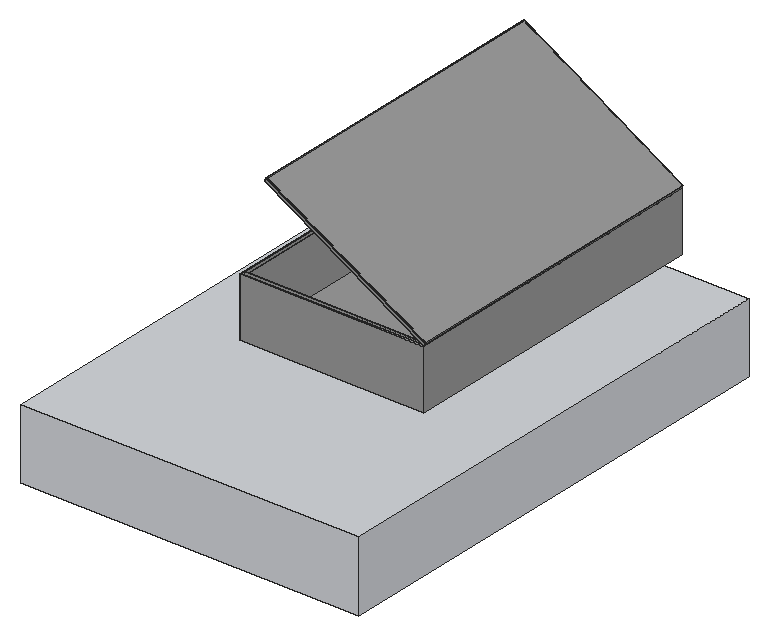
Revit family "Hager-Univers-IP55-D275-H1400-Cl.II-Steel_encl-BE-en", category Equipement électrique, Revit 2020
Family settings
  Hôte = Face
  Configuration du panneau = Deux colonnes, circuits au sein
  Cote de connecteur circulaire = Utiliser le diamètre
  Type d'élément = Tableau de raccordement
  Couper avec des vides une fois chargée = Non
  Partagée = Non
  Point de calcul de pièce = Non
Parameters (values of type "Surface mounted (plaster) IP55 W800 H1400 D275  - FR93S")
  Width Control [instance] = if([EF000008 - Width] > Min Width, [EF000008 - Width], Min Width)  # 800 mm
  Commentaires du type = [HG000003 - Range]  # "Univers"
  Thickness Door [instance] = if([EF009171 - Material plate thickness door/cover] > 3 mm, 3 mm, [EF009171 - Material plate thickness door/cover])  # 1.5 mm
  Seal Frame Offset [instance] = 17 mm  # constant formula
  Plinth Visibility [instance] = [HG000027 - Plinth height] > 0 mm  # no
  Model = ""
  Min Width [instance] = 100 mm  # constant formula
  Min Height [instance] = 100 mm  # constant formula
  Min Depth [instance] = (2 * [EF009170 - Material plate thickness cabinet]) + 1 mm  # 4 mm
  Internal Frame Depth [instance] = (Door System Depth * 0.5)  # 9 mm
  Height Control [instance] = if([EF000040 - Height] > Min Height, [EF000040 - Height], Min Height)  # 1400 mm
  HG000027 - Plinth height = 0 mm
  HG000026 - Floor standing = no
  HG000024 - Bottom section height = 800 mm
  HG000023 - Double section enclosure = no
  HG000016 - Door 3d visibility [instance] = yes
  HG000015 - Clearance visibility [instance] = no
  HG000014 - Door on the right [instance] = yes
  HG000013 - Door on the left [instance] = not([HG000014 - Door on the right])  # no
  HG000012 - Door swing angle [instance] = 30.00°
  HG000010 - Asymmetric doors = no
  HG000009 - Double swing door = no
  HG000006 - Flush mounted = no
  HG000004 - Manufacturer reference = "FR93S"
  HG000003 - Range = "Univers"
  HG000002 - With door or cover = yes
  Frame Offset Bottom [instance] = 10 mm  # constant formula
  Frame Offset [instance] = 15 mm  # constant formula
  EF015940 - Cover with overpressure release = no
  EF011959 - Degree of protection (NEMA) = ""
  EF009554 - Number of openings for flange plates = 6
  EF009212 - Cover model = "EV000116 - Closed"
  EF009171 - Material plate thickness door/cover = 1.5 mm
  EF009170 - Material plate thickness cabinet = 1.5 mm
  Fabricant = "Hager"  # constant formula
  EF008873 - Nominal current (In) = 800 A
  EF007800 - Suitable for lightning protection = no
  EF006306 - With lock = no
  EF006244 - Transparent cover/door = no
  EF005474 - Degree of protection (IP) = "EV006420 - IP55"
  EF004464 - Type of door = "EV002646 - Single"
  EF004427 - Number of modules = 324
  EF004293 - Impact strength = "EV008784 - IK10"
  EF003532 - Suitable for outdoor use = no
  EF002950 - Width in number of modular spacings = 24
  EF001613 - Circuit integrity = "EV000494 - None"
  EF001596 - Material housing = "EV000179 - Steel"
  EF001131 - Internal depth = 275 mm
  EF001088 - Extension possible = yes
  EF000437 - Number of conduit inlets = 6
  EF000339 - Type of cover = "EV004216 - Door"
  EF000266 - Number of rows = 9
  EF000218 - Built-in depth = 0 mm
  EF000118 - With mounting plate = no
  EF000116 - RAL-number = "7035"
  EF000049 - Depth = 275 mm
  EF000040 - Height = 1400 mm
  EF000008 - Width = 800 mm
  EF000007 - Colour = "EV000270 - Grey"
  EF000003 - Mounting method = "EV000384 - Surface mounted (plaster)"
  Door System Leaf Tolerance [instance] = 1.5 mm  # constant formula
  Door System Depth [instance] = 18 mm  # constant formula
  Door Height [instance] = Height Control - [HG000027 - Plinth height]  # 1400 mm
  Depth Control [instance] = if([EF000049 - Depth] > Min Depth, [EF000049 - Depth], Min Depth)  # 275 mm
  Default Elevation = 0 mm
  Connector Offset [instance] = Height Control / 2  # 700 mm
  Bottom Top Plate Trim [instance] = 1.5 mm  # constant formula
  Plinth height Ctrl [instance] = if([HG000027 - Plinth height] > 0 mm, [HG000027 - Plinth height], 12 mm)  # 12 mm
Types (5, lengths in mm): name | Width Control | HG000010 - Asymmetric doors | HG000009 - Double swing door | HG000004 - Manufacturer reference | EF009554 - Number of openings for flange plates | EF004464 - Type of door | EF004427 - Number of modules | EF000437 - Number of conduit inlets | EF000008 - Width
  Surface mounted (plaster) IP55 W1050 H1400 D275  - FR94S | 1050 | no | yes | "FR94S" | 8 | "EV003602 - Double" | 432 | 8 | 1050
  Surface mounted (plaster) IP55 W1300 H1400 D275  - FR95S | 1300 | yes | yes | "FR95S" | 10 | "EV003602 - Double" | 540 | 10 | 1300
  Surface mounted (plaster) IP55 W300 H1400 D275  - FR91S | 300 | no | no | "FR91S" | 2 | "EV002646 - Single" | 108 | 2 | 300
  Surface mounted (plaster) IP55 W550 H1400 D275  - FR92S | 550 | no | no | "FR92S" | 4 | "EV002646 - Single" | 216 | 4 | 550
  Surface mounted (plaster) IP55 W800 H1400 D275  - FR93S | 800 | no | no | "FR93S" | 6 | "EV002646 - Single" | 324 | 6 | 800
Reference planes
  plane 1 "Center (Front/Back)": y = 0
  plane 2: z = 0
  plane 3 "Center (Left/Right)": x = 0
  plane 4: z = 275
  plane 5: y = 1.5
  plane 6: y = 700
  plane 7: y = 0
  plane 8: y = 1400
  plane 9: z = 0
  plane 10: x = -385
  plane 11: x = 385
  plane 12: x = 383.5
  plane 13: x = -383.5
  plane 14: y = 1398.5
  plane 15: x = -383
  plane 16: x = -400
  plane 17: x = 383
  plane 18: x = 400
  plane 19: x = 398.5
  plane 20: x = -398.5
  plane 21: y = 11.5
  plane 22: y = 1400
  plane 23: y = 1383.5
  plane 24: z = 257
  plane 25: z = 1.5
  plane 26: z = 255.5
  plane 27: z = 273.5
Forms (mm)
  Extrusion 1, solid
    sketch origin (0, 0, 0) x (1, 0, 0) y (0, 1, 0)
      loop
        line (-702.964, 1305) -> (-702.964, -811.445) -> (766.763, -811.445) -> (766.763, 1305) -> (-702.964, 1305)
    from 0 to -304.8
  Extrusion 2, solid, material "Hager_Steel_RAL7035_Light_Grey", visible <- "Plinth Visibility", detail levels medium+fine
    sketch origin (0, 0, 0) x (1, 0, 0) y (0, 1, 0)
      loop
        line (-400, 0) -> (400, 0) -> (400, 12) -> (-400, 12) -> (-400, 0)
    from 0 to 257
  Extrusion 3, solid, material "Hager_Steel_RAL7035_Light_Grey", detail levels medium+fine
    sketch origin (0, 0, 0) x (1, 0, 0) y (0, 1, 0)
      loop
        line (-400, 0) -> (400, 0) -> (400, 1400) -> (-400, 1400) -> (-400, 0)
    from 0 to 257
  Extrusion 4, void
    sketch origin (0, 0, 0) x (1, 0, 0) y (0, 1, 0)
      loop
        line (-398.5, 1.5) -> (398.5, 1.5) -> (398.5, 1398.5) -> (-398.5, 1398.5) -> (-398.5, 1.5)
    from 1.5 to 255.5
  Extrusion 5, void
    sketch origin (-381.607, -4572, 257) x (0, -1, 0) y (-1, 0, 0)
      loop
        line (-4583.5, 1.893) -> (-5955.5, 1.893) -> (-5955.5, -765.107) -> (-4583.5, -765.107) -> (-4583.5, 1.893)
    from 0 to 1.5 <- "EF009170 - Material plate thickness cabinet"
  Extrusion 6, solid, material "Hager_Steel_RAL7035_Light_Grey", detail levels fine
    sketch origin (0, 0, 257) x (1, 0, 0) y (0, 1, 0)
      loop
        line (-383.5, 1383.5) -> (-383.5, 11.5) -> (383.5, 11.5) -> (383.5, 1383.5) -> (-383.5, 1383.5)
      loop
        line (-385, 10) -> (385, 10) -> (385, 1385) -> (-385, 1385) -> (-385, 10)
    from 0 to 9 <- "Internal Frame Depth"
  Extrusion 7, solid, material "Hager_Steel_RAL7035_Light_Grey", detail levels coarse
    sketch origin (0, 0, 0) x (1, 0, 0) y (0, 1, 0)
      loop
        line (-400, 0) -> (400, 0) -> (400, 1400) -> (-400, 1400) -> (-400, 0)
    from 0 to 275
  Sweep 8, void
    path in 3D
      loop
        line (-400, 12, 0) -> (400, 12, 0) -> (400, 12, 257) -> (-400, 12, 257) -> (-400, 12, 0)
    profile origin (-400, 12, 128.5) x (-1, 0, 0) y (0, -1, 0)
      loop
        line (0, 0) -> (0, 1.5) -> (-1.5, 1.5)
        arc (-1.5, 1.5) -> (-1.061, 0.439) -> (0, 0) r 1.5
Cuts and joins
  Extrusion 4, Extrusion 5 cuts Extrusion 3
  Sweep 8 cuts Extrusion 2
Lines and regions (mm)
  Masking region 1
    outline origin (0, 0, 0) x (1, 0, 0) y (0, 0, 1)
      loop
        line (-400, 275) -> (-400, 0) -> (400, 0) -> (400, 275) -> (-400, 275)
  Masking region 2, detail levels medium+fine
    outline origin (0, 140, 0) x (0, 1, 0) y (0, 0, 1)
      loop
        line (-140, 0) -> (1260, 0) -> (1260, 257) -> (-140, 257) -> (-140, 0)
  Masking region 3, not visible, detail levels medium+fine
    outline origin (0, 297.922, 0) x (0, 1, 0) y (0, 0, 1)
      loop
        line (413.578, 0) -> (453.578, 0) -> (453.578, 263.5)
        arc (453.578, 263.5) -> (450.649, 270.571) -> (443.578, 273.5) r 10
        line (443.578, 273.5) -> (413.578, 273.5) -> (413.578, 0)
  Masking region 4, detail levels coarse
    outline origin (0, 0, 180) x (0, 1, 0) y (0, 0, 1)
      loop
        line (0, -180) -> (1400, -180) -> (1400, 95) -> (0, 95) -> (0, -180)
  Masking region 5, visible <- "Plinth Visibility", detail levels medium+fine
    outline origin (0, 52.24, 12.345) x (0, 0, -1) y (0, 1, 0)
      loop
        line (10.845, -40.24) -> (-243.155, -40.24)
        arc (-243.155, -40.24) -> (-243.594, -41.301) -> (-244.655, -41.74) r 1.5
        line (-244.655, -41.74) -> (-244.655, -52.24) -> (12.345, -52.24) -> (12.345, -41.74)
        arc (12.345, -41.74) -> (11.285, -41.301) -> (10.845, -40.24) r 1.5
  Masking region 6, detail levels medium+fine
    outline origin (-381.607, -4572, 257) x (-1, 0, 0) y (0, -1, 0)
      loop
        line (18.393, -5972) -> (18.393, -4572) -> (-781.607, -4572) -> (-781.607, -5972) -> (18.393, -5972)
  Masking region 7, visible <- "Plinth Visibility", detail levels medium+fine
    outline origin (-381.607, -4727, 257) x (-1, 0, 0) y (0, -1, 0)
      loop
        arc (16.893, -4739) -> (17.332, -4737.939) -> (18.393, -4737.5) r 1.5
        line (18.393, -4737.5) -> (18.393, -4727) -> (-781.607, -4727) -> (-781.607, -4737.5)
        arc (-781.607, -4737.5) -> (-780.546, -4737.939) -> (-780.107, -4739) r 1.5
        line (-780.107, -4739) -> (16.893, -4739)
  Masking region 8, detail levels coarse
    outline origin (-442.548, -4669.526, 257) x (-1, 0, 0) y (0, -1, 0)
      loop
        line (-42.548, -6069.526) -> (-42.548, -4669.526) -> (-842.548, -4669.526) -> (-842.548, -6069.526) -> (-42.548, -6069.526)
  sketch lines
    curve 1: line (-400, 12, 257) -> (-400, 12, 0)
    curve 2: line (400, 12, 257) -> (-400, 12, 257)
    curve 3: line (400, 12, 257) -> (400, 12, 0)
    curve 4: line (-400, 12, 0) -> (400, 12, 0)
Dimensions and locks
  "Depth Control": plane 4 to Extrusion 1
  "HG000027 - Plinth height": plane 1 "Center (Front/Back)" to plane 7
  "EF009170 - Material plate thickness cabinet": plane 5 to plane 7
  locked: connector elem to plane 3 "Center (Left/Right)"
  equal spacing: plane 8, plane 6, plane 7
  locked: connector elem to plane 6
  "EF009170 - Material plate thickness cabinet": plane 8 to plane 14
  "EF009170 - Material plate thickness cabinet": plane 10 to plane 13
  "EF009170 - Material plate thickness cabinet": plane 12 to plane 11
  "Frame Offset": plane 20 to plane 13
  "Frame Offset": plane 12 to plane 19
  "EF009170 - Material plate thickness cabinet": plane 16 to plane 20
  "EF009170 - Material plate thickness cabinet": plane 19 to plane 18
  "Seal Frame Offset": plane 16 to plane 15
  "Seal Frame Offset": plane 17 to plane 18
  "Frame Offset Bottom": plane 21 to plane 5
  "Frame Offset": plane 14 to plane 23
  equal spacing: plane 16, plane 3 "Center (Left/Right)", plane 18
  "Width Control": plane 16 to plane 18
  "EF009170 - Material plate thickness cabinet": plane 4 to plane 27
  "EF009170 - Material plate thickness cabinet": plane 24 to plane 26
  "EF009170 - Material plate thickness cabinet": plane 25 to level
  "Door System Depth": plane 4 to plane 24
  "Height Control": plane 1 "Center (Front/Back)" to Extrusion 7 sketch curve
  "Height Control": Masking region 4 sketch curve to plane 1 "Center (Front/Back)"
  "Height Control": plane 1 "Center (Front/Back)" to plane 22
  "Bottom Top Plate Trim": profile plane to Sweep 8 sketch curve
  "Bottom Top Plate Trim": Sweep 8 sketch curve to profile plane
  "Plinth height Ctrl": plane 1 "Center (Front/Back)" to Extrusion 2 sketch curve
  "Plinth height Ctrl": Masking region 5 sketch curve to plane 1 "Center (Front/Back)"
  "Plinth height Ctrl": plane 1 "Center (Front/Back)" to Masking region 7 sketch curve
  "Thickness Door": Extrusion 6 sketch curve to Extrusion 6 sketch curve  (x3)
  "Thickness Door": cut or joined group of Extrusion 3, Extrusion 4, Extrusion 5 to Extrusion 6 sketch curve
  radius of Masking region 3 sketch curve = 10 mm
  "Bottom Top Plate Trim": radius of Masking region 5 sketch curve  (x2)
  "Bottom Top Plate Trim": radius of Sweep 8 sketch curve
  "Bottom Top Plate Trim": radius of Masking region 7 sketch curve  (x2)
  aligned and locked: plane 2 to Extrusion 1
  aligned and locked: level to Extrusion 1
  aligned and locked: level to Masking region 1 sketch curve
  aligned and locked: Masking region 1 sketch curve to plane 18
  aligned and locked: Masking region 1 sketch curve to plane 16
  aligned and locked: plane 7 to Masking region 2 sketch curve
  aligned and locked: level to Masking region 3 sketch curve
  aligned and locked: Masking region 3 sketch curve to plane 27
  aligned and locked: level to Masking region 2 sketch curve
  aligned and locked: plane 1 "Center (Front/Back)" to Extrusion 2 sketch curve
  aligned and locked: Extrusion 3 sketch curve to plane 7
  aligned and locked: plane 16 to Extrusion 3 sketch curve
  aligned and locked: plane 18 to Extrusion 3 sketch curve
  aligned and locked: plane 20 to Extrusion 4 sketch curve
  aligned and locked: plane 19 to Extrusion 4 sketch curve
  aligned and locked: Extrusion 4 sketch curve to plane 5
  aligned and locked: Extrusion 4 to plane 25
  aligned and locked: plane 26 to Extrusion 4
  aligned and locked: plane 24 to Extrusion 3
  aligned and locked: Extrusion 5 sketch curve to plane 21
  aligned and locked: Extrusion 5 sketch curve to plane 13
  aligned and locked: Extrusion 5 sketch curve to plane 12
  aligned and locked: plane 18 to Extrusion 7 sketch curve
  aligned and locked: plane 1 "Center (Front/Back)" to Extrusion 7 sketch curve
  aligned and locked: plane 16 to Extrusion 7 sketch curve
  aligned and locked: plane 4 to Extrusion 7
  aligned and locked: Extrusion 7 to level
  aligned and locked: level to Masking region 4 sketch curve
  aligned and locked: Masking region 4 sketch curve to plane 1 "Center (Front/Back)"
  aligned and locked: Masking region 4 sketch curve to plane 4
  aligned and locked: nested 1 to level
  aligned and locked: nested 1 to plane 16
  aligned and locked: plane 8 to Extrusion 3 sketch curve
  aligned and locked: plane 23 to Extrusion 5 sketch curve
  aligned and locked: plane 14 to Extrusion 4 sketch curve
  aligned and locked: Masking region 2 sketch curve to plane 8
  aligned and locked: level to Masking region 5 sketch curve
  aligned and locked: plane 16 to Extrusion 2 sketch curve
  aligned and locked: plane 18 to Extrusion 2 sketch curve
  aligned and locked: Masking region 5 sketch curve to plane 24
  aligned and locked: Masking region 2 sketch curve to plane 24
  aligned and locked: plane 24 to Extrusion 2
  aligned and locked: profile plane to Sweep 8 sketch curve  (x2)
  aligned and locked: Masking region 6 sketch curve to plane 18
  aligned and locked: Masking region 6 sketch curve to plane 22
  aligned and locked: Masking region 6 sketch curve to plane 16
  aligned and locked: plane 8 to plane 22
  aligned and locked: Masking region 6 sketch curve to plane 7
  aligned and locked: Masking region 7 sketch curve to plane 16
  aligned and locked: Masking region 7 sketch curve to plane 1 "Center (Front/Back)"
  aligned and locked: Masking region 7 sketch curve to plane 18
  aligned and locked: Masking region 8 sketch curve to plane 1 "Center (Front/Back)"
  aligned and locked: Masking region 8 sketch curve to plane 18
  aligned and locked: Masking region 8 sketch curve to plane 22
  aligned and locked: Masking region 8 sketch curve to plane 16
  aligned and locked: nested 2 to plane 7
  aligned and locked: plane 3 "Center (Left/Right)" to nested 2
  aligned and locked: nested 2 to plane 24
  aligned and locked: Extrusion 6 sketch curve to cut or joined group of Extrusion 3, Extrusion 4, Extrusion 5  (x4)
Automatic sketch dimensions
  Extrusion 1 sketch curve to Extrusion 1 sketch curve = 1469.727 mm
  Extrusion 1 sketch curve to Extrusion 1 sketch curve = 2116.445 mm
  Masking region 1 sketch curve to plane 4 = 0 mm
  plane 6 to Masking region 3 sketch curve = 11.5 mm
  Masking region 3 sketch curve to Masking region 3 sketch curve = 30 mm
  Masking region 5 sketch curve to plane 1 "Center (Front/Back)" = 0 mm
Nested families
  nested 1: "Hager_Enclosure_Symbol" at (-400, 0, 0) x (1, 0, 0) z (0, -1, 0), Height <- "Depth Control", Width <- "Width Control", type "Hager_Enclosure_Symbol"
    with Width_Ctrl 800 mm, Width 800 mm, Height_Ctrl 275 mm, Height 275 mm, A_Width_Int 18.047 mm, A_Width 216.562 mm, A_Height_Ctrl 240.625 mm, A_Height 240.625 mm
  nested 2: "EC000058_Univers_Door" at (0, 0, 257) x (1, 0, 0) z (0, 1, 0), Leaf_Tolerance <- "Door System Leaf Tolerance", Angle <- "HG000012 - Door swing angle", Door_Depth <- "Door System Depth", Door_Left <- "HG000013 - Door on the left", Transparent <- "EF006244 - Transparent cover/door", Assymetrical <- "HG000010 - Asymmetric doors", Width <- "Width Control", Clearance <- "HG000015 - Clearance visibility", Double <- "HG000009 - Double swing door", 3d_Door <- "HG000016 - Door 3d visibility", Lock_Visibility <- "EF006306 - With lock", Width_Ctrl <- "Width Control", Door_Right <- "HG000014 - Door on the right", Door <- "HG000002 - With door or cover", Height <- "Door Height", Thickness <- "Thickness Door", type "EC000058_Univers_Door", detail levels medium+fine
    with min_wh 4 mm, Width_Ctrl 800 mm, Width 800 mm, Transparent no, Thickness 1.5 mm, Seal_Material Hager_Rubber, Lock_Visibility no, Lock_Material Hager_Plastic_RAL9005_Jet_Black, Leaf_Width 800 mm, Leaf_Tolerance_External_Sides 0 mm, Leaf_Tolerance 1.5 mm, Leaf_Offset 0 mm, Leaf_Height 1397 mm, Leaf_2_Width 800 mm, Leaf_2_Offset 400 mm, Leaf_1_Width 800 mm, Leaf_1_Offset 400 mm, Height_Ctrl 1400 mm, Height 1400 mm, Glass_Material Hager_Glass, Double_Clearance_Ctrl no, Double no, Door_Right_Ctrl yes, Door_Right yes, Door_Material Hager_Steel_RAL7035_Light_Grey, Door_Left_Ctrl no, Door_Left no, Door_Depth 18 mm, Door yes, Clearance_Material Hager_Clearance, Clearance_Depth 800 mm, Clearance_Ctrl no, Clearance no, Assymetrical no, Angle 30.00°, 3d_Door yes
Connectors
  electrical at (0, 700, 0)
    settings: on plane 9, index 1, voltage 0 V, apparent load 0 VA, apparent load phase1 0 VA, apparent load phase2 0 VA, apparent load phase3 0 VA, power factor 1, load classification "Other", number of poles 1, system type 30, power factor state 1, is connector primary yes, connector utility no, sub classification motor no, connector description ""
Definition of nested family "EC000058_Univers_Door"
  Parameters (values of type "EC000058_Univers_Door")
    min_wh [instance] = (2 * Thickness) + 1 mm  # 11 mm
    Width_Ctrl [instance] = 400 mm
    Width [instance] = 500 mm
    Transparent [instance] = yes
    Thickness [instance] = 5 mm
    Seal_Material [instance] = none
    Lock_Visibility [instance] = yes
    Lock_Material [instance] = none
    Leaf_Width [instance] = if((Width_Ctrl - 2 * Leaf_Tolerance_External_Sides) > 0 mm, (Width_Ctrl - 2 * Leaf_Tolerance_External_Sides), min_wh)  # 400 mm
    Leaf_Tolerance_External_Sides [instance] = 0 mm  # constant formula
    Leaf_Tolerance [instance] = 1.5 mm
    Leaf_Offset [instance] = 0 mm  # constant formula
    Leaf_Height [instance] = if((Height_Ctrl - 2 * Leaf_Tolerance) > 0 mm, (Height_Ctrl - 2 * Leaf_Tolerance), min_wh)  # 497 mm
    Leaf_2_Width [instance] = if(and(and(Double, Assymetrical), Door_Left), (Leaf_Width / 3) - (Leaf_Tolerance / 2), if(and(and(Double, Assymetrical), Door_Right), (Leaf_Width / 3) * 2 - (Leaf_Tolerance / 2), if(and(Double, not(Assymetrical)), (Leaf_Width / 2) - Leaf_Tolerance, Leaf_Width)))  # 400 mm
    Leaf_2_Offset [instance] = if(and(Double, Assymetrical), Leaf_2_Width / 2, if(and(Double, not(Assymetrical)), Leaf_Width / 4, Leaf_Width / 2))  # 200 mm
    Leaf_1_Width [instance] = if(and(and(Double, Assymetrical), Door_Right), (Leaf_Width / 3) - (Leaf_Tolerance / 2), if(and(and(Double, Assymetrical), Door_Left), (Width / 3) * 2 - (Leaf_Tolerance / 2), if(and(Double, not(Assymetrical)), (Leaf_Width / 2) - Leaf_Tolerance, Leaf_Width)))  # 400 mm
    Leaf_1_Offset [instance] = if(and(Double, Assymetrical), Leaf_1_Width / 2, if(and(Double, not(Assymetrical)), Leaf_Width / 4, Leaf_Width / 2))  # 200 mm
    Height_Ctrl [instance] = if(Height > min_wh, Height, min_wh)  # 500 mm
    Height [instance] = 500 mm
    Glass_Material [instance] = none
    Double_Clearance_Ctrl [instance] = and(Double, Clearance)  # no
    Double [instance] = no
    Door_Right_Ctrl [instance] = and(or(Door_Right, Double), Door)  # yes
    Door_Right [instance] = yes
    Door_Material [instance] = none
    Door_Left_Ctrl [instance] = and(or(Door_Left, Double), Door)  # no
    Door_Left [instance] = no
    Door_Depth [instance] = 30 mm
    Door [instance] = yes
    Default Elevation = 1219.2 mm
    Clearance_Material [instance] = none
    Clearance_Depth [instance] = if(Leaf_1_Width > Leaf_2_Width, Leaf_1_Width, Leaf_2_Width)  # 400 mm
    Clearance_Ctrl [instance] = and(not(Double), Clearance)  # yes
    Clearance [instance] = yes
    Assymetrical [instance] = yes
    Angle [instance] = 30.00°
    3d_Door [instance] = yes
  Reference planes
    plane 1 "Center (Front/Back)": y = 0
    plane 2 "Bottom": z = 0
    plane 3 "Center (Left/Right)": x = 0
    plane 4: z = 500
    plane 5: x = -200
    plane 6: x = 200
    plane 7: z = 500
    plane 8: x = -200
    plane 9: z = 0
    plane 10: x = 200
    plane 11: y = 0
    plane 12: z = 1.5
    plane 13: x = -600
    plane 14: y = -400
    plane 15: x = 600
    plane 16: x = 0
    plane 17: x = 0
    plane 18: x = -200
    plane 19: x = 200
    plane 20: z = 498.5
  Forms (mm)
    Extrusion 1, solid, material <- "Clearance_Material", visible <- "Double_Clearance_Ctrl"
      sketch origin (1200, 0, 0) x (1, 0, 0) y (0, 0, -1)
        loop
          line (-1800, -498.5) -> (-600, -498.5) -> (-600, 0) -> (-1800, 0) -> (-1800, -498.5)
      from 0 to -400
  Dimensions and locks
    equal spacing: plane 5, plane 3 "Center (Left/Right)", plane 6
    "Width_Ctrl": plane 5 to plane 6
    "Leaf_Offset": plane 5 to plane 8
    "Leaf_Offset": plane 6 to plane 10
    "Leaf_Offset": plane 9 to level
    "Leaf_Offset": plane 4 to plane 7
    "Height_Ctrl": plane 4 to level
    "Leaf_Tolerance": plane 12 to plane 9
    locked: plane 11 to plane 1 "Center (Front/Back)"
    "Leaf_1_Offset": plane 18 to plane 16
    "Leaf_2_Offset": plane 17 to plane 19
    "Leaf_1_Width": plane 13 to plane 8
    "Leaf_2_Width": plane 10 to plane 15
    "Clearance_Depth": plane 14 to plane 1 "Center (Front/Back)"
    "Leaf_Tolerance_External_Sides": plane 8 to plane 18
    "Leaf_Tolerance_External_Sides": plane 19 to plane 10
    "Leaf_Tolerance": plane 7 to plane 20
    aligned and locked: level to plane 2 "Bottom"
    aligned and locked: nested 1 to plane 16
    aligned and locked: nested 2 to plane 17
    aligned and locked: Extrusion 1 to plane 13
    aligned and locked: plane 15 to Extrusion 1
    aligned and locked: Extrusion 1 to plane 14
    aligned and locked: plane 12 to nested 1
    aligned and locked: nested 2 to plane 12
    aligned and locked: Extrusion 1 to plane 11
    aligned and locked: plane 20 to Extrusion 1
    aligned and locked: nested 2 to plane 11
    aligned and locked: nested 1 to plane 11
  Automatic sketch dimensions
    Extrusion 1 sketch curve to level = 0 mm
    plane 5 to Extrusion 1 sketch curve = 400 mm
    plane 6 to Extrusion 1 sketch curve = 400 mm
    Extrusion 1 sketch curve to plane 4 = 1.5 mm
  Nested families
    nested 1: "EC000058_Univers_Door_Leaf" at (0, 0, 1.5), Width <- "Leaf_1_Width", visible <- "Door_Left_Ctrl", Leaf_Height <- "Leaf_Height", Angle <- "Angle", 3d_Door <- "3d_Door", Transparent <- "Transparent", Clearance Material <- "Clearance_Material", Clearance <- "Clearance_Ctrl", Door_Material <- "Door_Material", Glass_Material <- "Glass_Material", Door_Depth <- "Door_Depth", Lock_Material <- "Lock_Material", Seal_Material <- "Seal_Material", Lock_Visibility <- "Lock_Visibility", Thickness <- "Thickness", type "EC000058_Univers_Door_Leaf"
      with Width 400 mm, Transparent_Glass_Offset 30 mm, Transparent_Ctrl yes, Transparent yes, Thickness 5 mm, Standard no, Seal_Material none, Seal_D2 8 mm, Seal_D1 1 mm, Offset_Internal_Frame 10 mm, Lock_Width 20 mm, Lock_Visibility_3d yes, Lock_Visibility yes, Lock_Thickness_3 3 mm, Lock_Thickness_2 1 mm, Lock_Thickness_1 3 mm, Lock_Radius_Offset_2 16 mm, Lock_Radius_Offset_1 15 mm, Lock_Radius_2 5 mm, Lock_Radius 6 mm, Lock_Offset 5 mm, Lock_Material none, Lock_Height 80 mm, Lock_Cover_Top_Offset_2d 17 mm, Lock_Cover_Height -65 mm, Leaf_Height 497 mm, Internal_Seal_Thickness 8 mm, Internal_Seal_Depth_2 4.5 mm, Internal_Frame_Depth 25 mm, Glass_Thickness -1 mm, Glass_Offset -2 mm, Glass_Material none, Door_Material none, Door_Depth 30 mm, Clearance Material none, Clearance yes, Angle_Ctrl 30.00°, Angle 30.00°, 3d_Door yes
    nested 2: "EC000058_Univers_Door_Leaf" at (0, 0, 1.5) x (-1, 0, 0) z (0, 0, 1), Width <- "Leaf_2_Width", visible <- "Door_Right_Ctrl", Leaf_Height <- "Leaf_Height", Angle <- "Angle", 3d_Door <- "3d_Door", Transparent <- "Transparent", Clearance Material <- "Clearance_Material", Clearance <- "Clearance_Ctrl", Door_Material <- "Door_Material", Glass_Material <- "Glass_Material", Door_Depth <- "Door_Depth", Lock_Material <- "Lock_Material", Seal_Material <- "Seal_Material", Lock_Visibility <- "Lock_Visibility", Thickness <- "Thickness", type "EC000058_Univers_Door_Leaf"
      with Width 400 mm, Transparent_Glass_Offset 30 mm, Transparent_Ctrl yes, Transparent yes, Thickness 5 mm, Standard no, Seal_Material none, Seal_D2 8 mm, Seal_D1 1 mm, Offset_Internal_Frame 10 mm, Lock_Width 20 mm, Lock_Visibility_3d yes, Lock_Visibility yes, Lock_Thickness_3 3 mm, Lock_Thickness_2 1 mm, Lock_Thickness_1 3 mm, Lock_Radius_Offset_2 16 mm, Lock_Radius_Offset_1 15 mm, Lock_Radius_2 5 mm, Lock_Radius 6 mm, Lock_Offset 5 mm, Lock_Material none, Lock_Height 80 mm, Lock_Cover_Top_Offset_2d 17 mm, Lock_Cover_Height -65 mm, Leaf_Height 497 mm, Internal_Seal_Thickness 8 mm, Internal_Seal_Depth_2 4.5 mm, Internal_Frame_Depth 25 mm, Glass_Thickness -1 mm, Glass_Offset -2 mm, Glass_Material none, Door_Material none, Door_Depth 30 mm, Clearance Material none, Clearance yes, Angle_Ctrl 30.00°, Angle 30.00°, 3d_Door yes
  Definition of nested family "EC000058_Univers_Door_Leaf"
    Parameters (values of type "EC000058_Univers_Door_Leaf")
      Width [instance] = 2000 mm
      Transparent_Glass_Offset [instance] = 30 mm
      Transparent_Ctrl [instance] = and(Transparent, [3d_Door])  # yes
      Transparent [instance] = yes
      Thickness [instance] = 5 mm
      Standard [instance] = and(not(Transparent), [3d_Door])  # no
      Seal_Material [instance] = none
      Seal_D2 [instance] = 8 mm  # constant formula
      Seal_D1 [instance] = 1 mm  # constant formula
      Offset_Internal_Frame [instance] = 10 mm  # constant formula
      Lock_Width [instance] = 20 mm  # constant formula
      Lock_Visibility_3d [instance] = and(Lock_Visibility, [3d_Door])  # yes
      Lock_Visibility [instance] = yes
      Lock_Thickness_3 [instance] = 3 mm  # constant formula
      Lock_Thickness_2 [instance] = 1 mm  # constant formula
      Lock_Thickness_1 [instance] = 3 mm  # constant formula
      Lock_Radius_Offset_2 [instance] = Lock_Radius_Offset_1 + 1 mm  # 16 mm
      Lock_Radius_Offset_1 [instance] = 15 mm  # constant formula
      Lock_Radius_2 [instance] = Lock_Radius - 1 mm  # 5 mm
      Lock_Radius [instance] = 6 mm  # constant formula
      Lock_Offset [instance] = 5 mm  # constant formula
      Lock_Material [instance] = none
      Lock_Height [instance] = 80 mm  # constant formula
      Lock_Cover_Top_Offset_2d [instance] = Lock_Radius_Offset_2 + 1 mm  # 17 mm
      Lock_Cover_Height [instance] = -(Lock_Height - Lock_Radius_Offset_1)  # -65 mm
      Leaf_Height [instance] = 2720.336 mm
      Internal_Seal_Thickness [instance] = 8 mm  # constant formula
      Internal_Seal_Depth_2 [instance] = 4.5 mm  # constant formula
      Internal_Frame_Depth [instance] = if(Door_Depth - Thickness > 5 mm, Door_Depth - Thickness, 5 mm)  # 25 mm
      Glass_Thickness [instance] = if(Thickness > 15 mm, Glass_Offset + 10 mm, -1 mm)  # -1 mm
      Glass_Offset [instance] = if(Thickness > 15 mm, -(Thickness + 10 mm) / 2, -2 mm)  # -2 mm
      Glass_Material [instance] = none
      Door_Material [instance] = none
      Door_Depth [instance] = 30 mm
      Default Elevation = 0 mm
      Clearance Material [instance] = none
      Clearance [instance] = yes
      Angle_Ctrl [instance] = if(Angle > 180.00°, 180.00°, Angle)  # 90.00°
      Angle [instance] = 90.00°
      3d_Door [instance] = yes
    Reference planes
      plane 1 "Center (Front/Back)": y = 0
      plane 2: z = 0
      plane 3 "Center (Left/Right)": x = 0
      plane 4: y = 2000
      plane 5: x = -1000
      plane 6: x = 1000
      plane 7: x = -3000
      plane 8: z = 2720.336
      plane 9: z = 30
      plane 10: z = 2690.336
      plane 11: x = 970
      plane 12: x = -970
      plane 13: y = -3
      plane 14: z = 107.833
      plane 15: y = -5
      plane 16: y = -223.314
      plane 17: x = -1000
      plane 18: z = 1360.168
      plane 19: y = 30
    Forms (mm)
      Extrusion 1, solid, material <- "Clearance Material", visible <- "Clearance"
        sketch origin (0, 0, 0) x (1, 0, 0) y (0, 0, 1)
          loop
            line (-3000, 2720.336) -> (-3000, 0) -> (1000, 0) -> (1000, 2720.336) -> (-3000, 2720.336)
        from 0 to -2000
      Extrusion 2, solid, material <- "Door_Material", visible <- "Standard", detail levels medium+fine
        sketch origin (-1000, 0, 0) x (0, 1, 0) y (-1, 0, 0)
          loop
            line (0, 30) -> (0, 25) -> (2000, 25) -> (2000, 30) -> (0, 30)
        from 0 to 2720.336 <- "Leaf_Height"
      Extrusion 3, solid, material <- "Door_Material", visible <- "Transparent_Ctrl", detail levels medium+fine
        sketch origin (-1000, 0, 0) x (0, 1, 0) y (-1, 0, 0)
          loop
            line (0, 25) -> (2000, 25) -> (2000, 30) -> (0, 30) -> (0, 25)
        from 0 to 2720.336 <- "Leaf_Height"
      Extrusion 4, void
        sketch origin (-1025, 2000, 0) x (0, 1, 0) y (0, 0, -1)
          loop
            line (-30, -2690.336) -> (-30, -30) -> (-1970, -30) -> (-1970, -2690.336) -> (-30, -2690.336)
        from 0 to 5 <- "Thickness"
      Sweep 5, solid, material <- "Seal_Material", visible <- "Transparent_Ctrl", detail levels fine
        path in 3D
          loop
            line (-1025, 30, 30) -> (-1025, 30, 2690.336) -> (-1025, 1970, 2690.336) -> (-1025, 1970, 30) -> (-1025, 30, 30)
        profile origin (-1025, 1000, 30) x (1, 0, 0) y (0, 0, 1)
          loop
            line (0, 0) -> (0, -8) -> (1, -8) -> (1, 0) -> (0, 0)
      Extrusion 6, solid, material <- "Glass_Material", visible <- "Transparent_Ctrl", detail levels medium+fine
        sketch origin (-1030, 0, 0) x (0, 1, 0) y (0, 0, -1)
          loop
            line (1970, -2690.336) -> (1970, -30) -> (30, -30) -> (30, -2690.336) -> (1970, -2690.336)
        from -2 <- "Glass_Offset" to -1 <- "Glass_Thickness"
      Extrusion 7, solid, material <- "Door_Material", visible <- "3d_Door", detail levels medium+fine
        sketch origin (-1025, 2000, 0) x (0, -1, 0) y (0, 0, -1)
          loop
            line (0, -2720.336) -> (2000, -2720.336) -> (2000, 0) -> (0, 0) -> (0, -2720.336)
          loop
            line (1995, -5) -> (5, -5) -> (5, -2715.336) -> (1995, -2715.336) -> (1995, -5)
        from 0 to 25 <- "Internal_Frame_Depth"
      Sweep 8, solid, material <- "Seal_Material", visible <- "Transparent_Ctrl", detail levels fine
        path in 3D
          loop
            line (-1025, 0, 0) -> (-1025, 2000, 0) -> (-1025, 2000, 2720.336) -> (-1025, 0, 2720.336) -> (-1025, 0, 0)
        profile origin (-1025, 0, 1360.168) x (1, 0, 0) y (0, 1, 0)
          loop
            line (0, 10) -> (2.975, 10)
            arc (2.975, 10) -> (4.053, 10.447) -> (4.5, 11.525) r 1.525
            line (4.5, 11.525) -> (4.5, 16.527)
            arc (4.5, 16.527) -> (4.069, 17.569) -> (3.027, 18) r 1.473
            line (3.027, 18) -> (0, 18) -> (0, 10)
      Extrusion 9, solid, material <- "Lock_Material", visible <- "Lock_Visibility_3d", detail levels fine
        sketch origin (-1030, 0, 0) x (0, 1, 0) y (0, 0, -1)
          loop
            arc (1993.5, -1400.168) -> (1994.561, -1399.729) -> (1995, -1398.668) r 1.5
            line (1995, -1398.668) -> (1995, -1320.168) -> (1975, -1320.168) -> (1975, -1398.668)
            arc (1975, -1398.668) -> (1975.439, -1399.729) -> (1976.5, -1400.168) r 1.5
            line (1976.5, -1400.168) -> (1993.5, -1400.168)
        from 3 <- "Lock_Thickness_1" to 0
      Blend 10, solid, material <- "Lock_Material", visible <- "Lock_Visibility_3d", detail levels fine
        base sketch origin (-1033, 0, 0) x (0, 1, 0) y (0, 0, -1)
          loop
            line (1975, -1320.168) -> (1975, -1398.668)
            arc (1975, -1398.668) -> (1975.439, -1399.729) -> (1976.5, -1400.168) r 1.5
            line (1976.5, -1400.168) -> (1993.5, -1400.168)
            arc (1993.5, -1400.168) -> (1994.561, -1399.729) -> (1995, -1398.668) r 1.5
            line (1995, -1398.668) -> (1995, -1320.168) -> (1975, -1320.168)
        top sketch origin (-1033, 0, 0) x (0, 1, 0) y (0, 0, -1)
          loop
            line (1976, -1320.168) -> (1976, -1398.668)
            arc (1976, -1398.668) -> (1976.146, -1399.022) -> (1976.5, -1399.168) r 0.5
            line (1976.5, -1399.168) -> (1993.5, -1399.168)
            arc (1993.5, -1399.168) -> (1993.854, -1399.022) -> (1994, -1398.668) r 0.5
            line (1994, -1398.668) -> (1994, -1320.168) -> (1976, -1320.168)
        from 0 to 1 <- "Lock_Thickness_2"
      Blend 11, solid, material <- "Lock_Material", visible <- "Lock_Visibility_3d", detail levels fine
        base sketch origin (-1034, 0, 0) x (0, 1, 0) y (0, 0, -1)
          loop
            line (1978, -1320.168) -> (1978, -1384.168)
            arc (1978, -1384.168) -> (1985, -1391.168) -> (1992, -1384.168) r 7
            line (1992, -1384.168) -> (1992, -1320.168) -> (1978, -1320.168)
        top sketch origin (-1034, 0, 0) x (0, 1, 0) y (0, 0, -1)
          loop
            line (1991, -1320.168) -> (1979, -1320.168) -> (1979, -1383.168)
            arc (1979, -1383.168) -> (1985, -1389.168) -> (1991, -1383.168) r 6
            line (1991, -1383.168) -> (1991, -1320.168)
        from 0 to 3 <- "Lock_Thickness_3"
      Extrusion 12, solid, material <- "Lock_Material", visible <- "Lock_Visibility_3d", detail levels fine
        sketch origin (-1030, 1975, 1320.168) x (1, 0, 0) y (0, -1, 0)
          loop
            line (-7, -19) -> (-7, -1) -> (0, -1) -> (0, 0) -> (-8, 0) -> (-8, -20) -> (0, -20) -> (0, -19) -> (-7, -19)
        from 0 to -65 <- "Lock_Cover_Height"
      Extrusion 13, void
        sketch origin (-1038, 1995, 1320.168) x (-1, 0, 0) y (0, 0, -1)
          loop
            line (-5, -65) -> (0, -65) -> (-5, -60) -> (-5, -65)
        from 0 to 20 <- "Lock_Width"
      Extrusion 14, void
        sketch origin (-1038, 1975, 1320.168) x (0, -1, 0) y (0, 0, -1)
          loop
            circle (-10, -15.995) r 6
          loop
            circle (-10, -15.995) r 5
        from 0 to 2
      Extrusion 15, solid, material <- "Lock_Material", visible <- "Lock_Visibility_3d", detail levels medium
        sketch origin (-1030, 0, 0) x (0, 1, 0) y (0, 0, -1)
          loop
            arc (1993.5, -1400.168) -> (1994.561, -1399.729) -> (1995, -1398.668) r 1.5
            line (1995, -1398.668) -> (1995, -1320.168) -> (1975, -1320.168) -> (1975, -1398.668)
            arc (1975, -1398.668) -> (1975.439, -1399.729) -> (1976.5, -1400.168) r 1.5
            line (1976.5, -1400.168) -> (1993.5, -1400.168)
        from 8 to 0
    Cuts and joins
      Extrusion 4 cuts Extrusion 3
      Extrusion 13, Extrusion 14 cuts Extrusion 9
      Extrusion 14 cuts Blend 11
      Extrusion 13, Extrusion 14 cuts Extrusion 12
      joined: Extrusion 9, Blend 10, Blend 11, Extrusion 12
      Extrusion 14 cuts Extrusion 15
    Lines and regions (mm)
      Masking region 1, visible <- "Lock_Visibility", detail levels fine
        outline origin (0, 0, 0) x (0, 1, 0) y (0, 0, 1)
          loop
            line (30, 1320.168) -> (33, 1320.168) -> (33, 1400.168) -> (30, 1400.168) -> (30, 1320.168)
      Masking region 2, visible <- "Lock_Visibility", detail levels fine
        outline origin (0, 3.143, 0) x (0, 1, 0) y (0, 0, 1)
          loop
            line (29.857, 1354.168) -> (30.857, 1354.168) -> (30.857, 1366.168) -> (29.857, 1366.168) -> (29.857, 1354.168)
      Masking region 3, detail levels medium+fine
        outline origin (0, 0, 0) x (0, 1, 0) y (0, 0, 1)
          loop
            line (0, 0) -> (30, 0) -> (30, 2720.336) -> (0, 2720.336) -> (0, 0)
      Masking region 4, detail levels medium+fine
        outline origin (0, 0, 0) x (1, 0, 0) y (0, 0, 1)
          loop
            line (-1000, 2720.336) -> (-1000, 0) -> (1000, 0) -> (1000, 2720.336) -> (-1000, 2720.336)
      Masking region 5, visible <- "Lock_Visibility", detail levels fine
        outline origin (-47.116, 0, 0) x (1, 0, 0) y (0, 0, 1)
          loop
            arc (1024.616, 1399.168) -> (1023.556, 1398.729) -> (1023.116, 1397.668) r 1.5
            line (1023.116, 1397.668) -> (1023.116, 1320.168) -> (1041.116, 1320.168) -> (1041.116, 1397.668)
            arc (1041.116, 1397.668) -> (1040.677, 1398.729) -> (1039.616, 1399.168) r 1.5
            line (1039.616, 1399.168) -> (1024.616, 1399.168)
      Masking region 6, visible <- "Lock_Visibility", detail levels medium+fine
        outline origin (-25, 0, 0) x (1, 0, 0) y (0, 0, 1)
          loop
            arc (1001.5, 1400.168) -> (1000.439, 1399.729) -> (1000, 1398.668) r 1.5
            line (1000, 1398.668) -> (1000, 1320.168) -> (1020, 1320.168) -> (1020, 1398.668)
            arc (1020, 1398.668) -> (1019.561, 1399.729) -> (1018.5, 1400.168) r 1.5
            line (1018.5, 1400.168) -> (1001.5, 1400.168)
      Masking region 7, visible <- "Lock_Visibility", detail levels fine
        outline origin (-73.735, 0, 0) x (1, 0, 0) y (0, 0, 1)
          loop
            line (1051.735, 1382.168) -> (1065.735, 1382.168) -> (1065.735, 1384.168)
            arc (1065.735, 1384.168) -> (1058.735, 1391.168) -> (1051.735, 1384.168) r 7
            line (1051.735, 1384.168) -> (1051.735, 1382.168)
      Masking region 8, visible <- "Lock_Visibility", detail levels fine
        outline origin (-73.735, 0, 0) x (1, 0, 0) y (0, 0, 1)
          loop
            line (1052.735, 1382.168) -> (1064.735, 1382.168) -> (1064.735, 1383.168)
            arc (1064.735, 1383.168) -> (1058.735, 1389.168) -> (1052.735, 1383.168) r 6
            line (1052.735, 1383.168) -> (1052.735, 1382.168)
      Masking region 9, visible <- "Lock_Visibility", detail levels fine
        outline origin (-25, 0, 0) x (1, 0, 0) y (0, 0, 1)
          loop
            line (1020, 1320.168) -> (1020, 1382.168) -> (1000, 1382.168) -> (1000, 1320.168) -> (1020, 1320.168)
      Masking region 10, detail levels medium+fine
        outline origin (0, 0, 0) x (1, 0, 0) y (0, 0, 1)
          loop
            circle (985, 1335.144) r 6
      Masking region 11, detail levels fine
        outline origin (0, 0, 0) x (1, 0, 0) y (0, 0, 1)
          loop
            circle (985, 1335.144) r 5
      Masking region 12, visible <- "Lock_Visibility", detail levels fine
        outline origin (0, 12.767, 0) x (0, 1, 0) y (0, 0, 1)
          loop
            line (20.233, 1320.168) -> (21.233, 1320.168) -> (21.233, 1399.168) -> (20.233, 1400.168) -> (20.233, 1320.168)
      Masking region 13, visible <- "Lock_Visibility", detail levels fine
        outline origin (0, 13.767, -10) x (0, 1, 0) y (0, 0, 1)
          loop
            line (20.233, 1330.168) -> (23.233, 1330.168) -> (23.233, 1399.168) -> (20.233, 1402.168) -> (20.233, 1330.168)
      Masking region 14, visible <- "Lock_Visibility", detail levels fine
        outline origin (0, 12.767, -10) x (0, 1, 0) y (0, 0, 1)
          loop
            line (20.233, 1330.168) -> (25.233, 1330.168) -> (25.233, 1399.305) -> (20.233, 1394.305) -> (20.233, 1330.168)
      Masking region 15, visible <- "Lock_Visibility", detail levels medium
        outline origin (0, 0, 0) x (0, 1, 0) y (0, 0, 1)
          loop
            line (30, 1320.168) -> (38, 1320.168) -> (38, 1400.168) -> (30, 1400.168) -> (30, 1320.168)
      Masking region 16, visible <- "Lock_Visibility", detail levels fine
        outline origin (-1000, 0, 0) x (0, 1, 0) y (-1, 0, 0)
          loop
            line (1975, 30) -> (1995, 30) -> (1995, 38) -> (1975, 38) -> (1975, 30)
          loop
            line (1979, 37) -> (1976, 37) -> (1976, 34) -> (1978, 34) -> (1979, 37)
          loop
            line (1994, 37) -> (1991, 37) -> (1992, 34) -> (1994, 34) -> (1994, 37)
      Masking region 17, visible <- "Lock_Visibility", detail levels medium
        outline origin (-1000, 0, 0) x (0, 1, 0) y (-1, 0, 0)
          loop
            line (1975, 30) -> (1995, 30) -> (1995, 38) -> (1975, 38) -> (1975, 30)
      symbolic lines
        curve 1: line (1000, 0, 0) -> (-3000, 0, 0)
        curve 2: arc (1000, 0, 0) -> (-1000, 2000, 0) -> (-3000, 0, 0) r 2000
        curve 4: line (-1030, 0, 0) -> (-1030, 2000, 0)
      reference lines
        curve 3: line (-1000, 0, 0) -> (-1000, 2000, 0)
      symbolic lines, detail levels medium+fine
        curve 5: line (-1030, 2000, 0) -> (-1025, 2000, 0)
        curve 7: line (-1025, 0, 0) -> (-1030, 0, 0)
        curve 8: line (-1025, 0, 0) -> (-1000, 0, 0)
        curve 9: line (-1000, 0, 0) -> (-1000, 2000, 0)
        curve 10: line (-1000, 2000, 0) -> (-1025, 2000, 0)
      symbolic lines, detail levels fine
        curve 6: line (-1025, 2000, 0) -> (-1025, 0, 0)
      sketch lines
        curve 11: line (-1025, 0, 2720.336) -> (-1025, 0, 0)
        curve 12: line (-1025, 2000, 0) -> (-1025, 0, 0)
        curve 13: line (-1025, 2000, 2720.336) -> (-1025, 2000, 0)
        curve 14: line (-1025, 0, 2720.336) -> (-1025, 2000, 2720.336)
        curve 15: line (-1025, 1970, 30) -> (-1025, 30, 30)
        curve 16: line (-1025, 30, 30) -> (-1025, 30, 2690.336)
        curve 17: line (-1025, 1970, 2690.336) -> (-1025, 1970, 30)
        curve 18: line (-1025, 30, 2690.336) -> (-1025, 1970, 2690.336)
      symbolic lines, visible <- "Transparent", detail levels medium+fine
        curve 19: line (-970, 0, 2690.336) -> (970, 0, 2690.336)
        curve 20: line (-970, 0, 30) -> (-970, 0, 2690.336)
        curve 21: line (970, 0, 30) -> (-970, 0, 30)
        curve 22: line (970, 0, 2690.336) -> (970, 0, 30)
    Dimensions and locks
      "Width": plane 1 "Center (Front/Back)" to plane 4
      equal spacing: plane 5, plane 3 "Center (Left/Right)", plane 6
      "Width": plane 5 to plane 6
      "Width": plane 7 to plane 5
      "Leaf_Height": plane 8 to level
      "Width": curve 5 to curve 3
      "Width": curve 3 to curve 3
      plane 8 to plane 10 = 30 mm
      plane 9 to level = 30 mm
      plane 12 to plane 5 = 30 mm
      plane 6 to plane 11 = 30 mm
      Extrusion 1 to Extrusion 4 sketch curve = 30 mm
      "Transparent_Glass_Offset": curve 3 to Extrusion 4 sketch curve
      "Transparent_Glass_Offset": Extrusion 4 sketch curve to cut or joined group of Extrusion 3, Extrusion 4  (x2)
      cut or joined group of Extrusion 3, Extrusion 4 to Extrusion 6 sketch curve = 30 mm
      "Transparent_Glass_Offset": cut or joined group of Extrusion 3, Extrusion 4 to Extrusion 4 sketch curve
      "Thickness": curve 6 to curve 4
      "Thickness": Extrusion 7 sketch curve to Extrusion 7 sketch curve  (x4)
      "Door_Depth": curve 4 to curve 3
      "Offset_Internal_Frame": profile plane to Sweep 8 sketch curve
      "Internal_Seal_Thickness": Sweep 8 sketch curve to Sweep 8 sketch curve
      "Internal_Seal_Depth_2": profile plane to Sweep 8 sketch curve
      "Seal_D1": profile plane to Sweep 5 sketch curve
      "Seal_D2": profile plane to Sweep 5 sketch curve
      "Thickness": Extrusion 2 sketch curve to Extrusion 2 sketch curve
      equal spacing: Extrusion 9 sketch curve, plane 18, Extrusion 9 sketch curve  (x2)
      equal spacing: Masking region 1 sketch curve, plane 18, Masking region 1 sketch curve
      "Lock_Height": Masking region 1 sketch curve to Masking region 1 sketch curve
      "Lock_Radius": Masking region 2 sketch curve to plane 18 to Masking region 2 sketch curve
      Masking region 2 sketch curve to Masking region 1 = 1 mm
      "Door_Depth": plane 19 to plane 1 "Center (Front/Back)"
      "Lock_Thickness_1": Masking region 1 sketch curve to plane 19
      "Lock_Width": Extrusion 9 sketch curve to Extrusion 9 sketch curve
      "Lock_Height": Extrusion 9 sketch curve to Extrusion 9 sketch curve
      "Lock_Offset": cut or joined group of Extrusion 3, Extrusion 4 to Extrusion 9 sketch curve
      equal spacing: plane 8, plane 18, level
      "Lock_Radius_Offset_1": Blend 11 sketch curve to Blend 10
      locked: Blend 10 to Blend 11 sketch curve at 2  (x2)
      locked: var sketch to Blend 11 sketch curve at 1  (x2)
      "Lock_Radius_Offset_2": Blend 11 sketch curve to Blend 10
      locked: Extrusion 12 sketch curve to Extrusion 12 sketch curve at 1  (x3)
      Masking region 6 sketch curve to Masking region 6 sketch curve = 80 mm
      "Lock_Height": Masking region 6 sketch curve to Masking region 6 sketch curve
      "Lock_Width": Masking region 6 sketch curve to Masking region 6 sketch curve
      locked: Masking region 6 to Masking region 5 sketch curve at 1  (x3)
      locked: Masking region 5 to Masking region 7 sketch curve at 2  (x2)
      "Lock_Radius_Offset_1": Masking region 5 to Masking region 7 sketch curve
      "Lock_Radius_Offset_2": Masking region 5 to Masking region 8 sketch curve
      locked: Masking region 7 to Masking region 8 sketch curve at 1  (x2)
      "Lock_Cover_Top_Offset_2d": Masking region 5 to Masking region 9 sketch curve
      equal spacing: Masking region 9, Masking region 10 sketch curve, Masking region 9
      equal spacing: Masking region 9, Masking region 11 sketch curve, Masking region 9
      Extrusion 15 sketch curve to Extrusion 15 sketch curve = 80 mm
      "Lock_Width": Extrusion 15 sketch curve to Extrusion 15 sketch curve
      "Lock_Height": Extrusion 15 sketch curve to Extrusion 15 sketch curve
      equal spacing: Extrusion 15 sketch curve, plane 18, Extrusion 15 sketch curve
      "Lock_Thickness_3": Masking region 13 sketch curve to Masking region 13 sketch curve
      "Lock_Height": Masking region 12 sketch curve to Masking region 12 sketch curve
      locked: Masking region 13 sketch curve to Masking region 1 at 8
      locked: Masking region 14 sketch curve to Masking region 13 at 1
      locked: Masking region 14 sketch curve to Masking region 1 at 10.863
      "Lock_Height": Masking region 15 sketch curve to Masking region 15 sketch curve
      "Lock_Offset": Extrusion 15 sketch curve to cut or joined group of Extrusion 3, Extrusion 4
      "Lock_Offset": plane 6 to Masking region 6 sketch curve
      radius of Sweep 8 sketch curve = 1.525 mm
      radius of Sweep 8 sketch curve = 1.473 mm
      radius of Extrusion 9 sketch curve = 1.5 mm  (x2)
      "Lock_Radius": radius of Extrusion 14 sketch curve
      "Lock_Radius_2": radius of Extrusion 14 sketch curve
      "Lock_Radius": radius of Masking region 10 sketch curve
      "Lock_Radius_2": radius of Masking region 11 sketch curve
      radius of Extrusion 15 sketch curve = 1.5 mm  (x2)
      "Angle_Ctrl": angle plane 1 "Center (Front/Back)" to curve 3
      locked: Masking region 12 sketch curve to Masking region 12 sketch curve (angle 45.00°)
      locked: Masking region 13 sketch curve to Masking region 13 sketch curve (angle 45.00°)
      locked: Masking region 14 sketch curve to Masking region 14 sketch curve (angle 45.00°)
      aligned and locked: level to plane 2
      aligned and locked: Extrusion 1 to curve 1
      aligned and locked: plane 6 to Extrusion 1
      aligned and locked: Extrusion 1 to plane 1 "Center (Front/Back)"
      aligned and locked: plane 4 to Extrusion 1
      aligned and locked: plane 8 to Extrusion 1
      aligned and locked: curve 7 to Extrusion 2 sketch curve
      aligned and locked: curve 5 to Extrusion 2 sketch curve
      aligned and locked: curve 7 to Extrusion 3 sketch curve
      aligned and locked: Extrusion 3 sketch curve to curve 4
      aligned and locked: Extrusion 3 sketch curve to curve 6
      aligned and locked: Extrusion 3 sketch curve to curve 5
      aligned and locked: curve 9 to curve 3
      aligned and locked: Extrusion 7 sketch curve to cut or joined group of Extrusion 3, Extrusion 4  (x4)
      aligned and locked: plane 17 to curve 3
      aligned and locked: plane 1 "Center (Front/Back)" to curve 3
      aligned and locked: plane 17 to plane 5
      aligned and locked: Sweep 8 sketch curve to profile plane
      aligned and locked: Sweep 5 sketch curve to profile plane  (x2)
      aligned and locked: Masking region 1 to Masking region 2 sketch curve
      aligned and locked: plane 19 to Masking region 1 sketch curve
      aligned and locked: plane 1 "Center (Front/Back)" to Masking region 3 sketch curve
      aligned and locked: plane 19 to Masking region 3 sketch curve
      aligned and locked: level to Masking region 3 sketch curve
      aligned and locked: Masking region 3 sketch curve to plane 8
      aligned and locked: plane 17 to Masking region 4 sketch curve
      aligned and locked: level to Masking region 4 sketch curve
      aligned and locked: Masking region 4 sketch curve to plane 8
      aligned and locked: plane 12 to curve 20
      aligned and locked: plane 10 to curve 19
      aligned and locked: plane 11 to curve 22
      aligned and locked: curve 21 to plane 9
      aligned and locked: Extrusion 2 sketch curve to cut or joined group of Extrusion 3, Extrusion 4
      aligned and locked: Blend 10 sketch curve to Extrusion 9  (x4)
      aligned and locked: Extrusion 9 to Blend 10 sketch curve
      aligned and locked: Blend 10 to Blend 11 sketch curve
      aligned and locked: Extrusion 12 sketch curve to Blend 11
      aligned and locked: Extrusion 12 sketch curve to Extrusion 9  (x4)
      aligned and locked: Masking region 5 sketch curve to Masking region 6
      aligned and locked: Masking region 9 sketch curve to Masking region 6  (x3)
      aligned and locked: Masking region 12 sketch curve to Masking region 1
      aligned and locked: Masking region 13 sketch curve to Masking region 1
      aligned and locked: Masking region 12 to Masking region 14
      aligned and locked: Masking region 14 sketch curve to Masking region 1
      aligned and locked: Masking region 15 sketch curve to Masking region 14
      aligned and locked: Masking region 13 sketch curve to Masking region 12
      aligned and locked: Masking region 16 sketch curve to cut or joined group of Extrusion 14, Extrusion 15  (x4)
      aligned and locked: Masking region 16 sketch curve to cut or joined group of Extrusion 9, Blend 10, Blend 11, Extrusion 12, Extrusion 13, Extrusion 14  (x6)
      aligned and locked: cut or joined group of Extrusion 9, Blend 10, Blend 11, Extrusion 12, Extrusion 13, Extrusion 14 to Masking region 16 sketch curve
      aligned and locked: Masking region 17 sketch curve to cut or joined group of Extrusion 14, Extrusion 15  (x3)
      aligned and locked: Masking region 17 sketch curve to cut or joined group of Extrusion 9, Blend 10, Blend 11, Extrusion 12, Extrusion 13, Extrusion 14
      aligned and locked: Masking region 9 to Masking region 8 sketch curve
      aligned and locked: Masking region 9 to Masking region 7 sketch curve
    Automatic sketch dimensions
      plane 1 "Center (Front/Back)" to curve 2 = 0 mm
      curve 2 to plane 5 = 0 mm
      Extrusion 1 sketch curve to level = 0 mm
      Extrusion 1 sketch curve to plane 7 = 0 mm
      Extrusion 1 sketch curve to plane 6 = 0 mm
      Extrusion 1 sketch curve to plane 8 = 0 mm
      Extrusion 3 to Extrusion 6 sketch curve = 30 mm  (x4)
      Masking region 4 sketch curve to plane 6 = 0 mm
      Blend 10 sketch curve to Extrusion 9 = 1.5 mm
      Blend 10 sketch curve to Extrusion 9 = 1 mm
      Extrusion 13 sketch curve to Extrusion 12 = 0 mm  (x2)
      Extrusion 12 to Extrusion 13 sketch curve = 3 mm
      Extrusion 13 sketch curve to Extrusion 12 = 5 mm
      Extrusion 14 sketch curve to Extrusion 14 sketch curve = 0 mm  (x2)
      Extrusion 14 sketch curve to Extrusion 12 = 10 mm
      Extrusion 14 sketch curve to Extrusion 12 = 15.995 mm
      Masking region 5 sketch curve to Masking region 5 sketch curve = 1.5 mm  (x2)
      Masking region 10 sketch curve to plane 18 = 25.024 mm
      Masking region 11 sketch curve to plane 18 = 25.024 mm
      plane 19 to Masking region 14 sketch curve = 3 mm
      Masking region 16 sketch curve to Masking region 16 sketch curve = 3 mm
      curve 4 to curve 3 = 0 mm
      Blend 10 to Blend 11 sketch curve = 0 mm
      Masking region 6 sketch curve to Masking region 6 sketch curve = 1.5 mm  (x2)
      Masking region 6 sketch curve to plane 18 = 40 mm
      plane 19 to Masking region 12 sketch curve = 3 mm
      Masking region 12 sketch curve to Masking region 12 sketch curve = 1 mm
      Masking region 15 sketch curve to plane 19 = 0 mm
      Masking region 15 sketch curve to plane 18 = 40 mm
      radius of Blend 10 sketch curve to Extrusion 9 = 1 mm
Definition of nested family "Hager_Enclosure_Symbol"
  Parameters (values of type "Hager_Enclosure_Symbol")
    Width_Ctrl [instance] = if(Width > 1 mm, Width, 1 mm)  # 102.27 mm
    Width [instance] = 102.27 mm
    Height_Ctrl [instance] = if(Height > 1 mm, Height, 1 mm)  # 66.5 mm
    A_Width_Int [instance] = if(A_Width / 12 > 2 mm, A_Width / 12, 2 mm)  # 4.364 mm
    A_Width [instance] = if(A_Height_Ctrl * 0.9 > 2 mm, A_Height_Ctrl * 0.9, 2 mm)  # 52.369 mm
    A_Height_Ctrl [instance] = if(A_Height > 2 mm, A_Height, 2 mm)  # 58.188 mm
    Height [instance] = 66.5 mm
    A_Height [instance] = Height - (Height / 8)  # 58.188 mm
  Reference planes
    plane 1 "Centre (avant/arrière)": y = 0
    plane 2: z = 0
    plane 3 "Centre (gauche/droite)": x = 0
    plane 4: x = 52.369
    plane 5: y = 33.042
    plane 6: y = 41.77
    plane 7: y = 66.5
    plane 8: x = 26.184
    plane 9: y = 37.406
    plane 10: x = 102.27
    plane 11: y = 66.5
    plane 12: y = 8.313
  Lines and regions (mm)
    Filled region 1, type "Solid_Black", in view "Niveau de réf."
      outline origin (0, 0, 0) x (1, 0, 0) y (0, 1, 0)
        loop
          line (52.369, 66.5) -> (33.188, 54.536) -> (45.365, 45.006) -> (52.369, 66.5)
    Filled region 2, type "Solid_Black", in view "Niveau de réf."
      outline origin (0, 0, 0) x (1, 0, 0) y (0, 1, 0)
        loop
          line (0, 0) -> (102.27, 0) -> (102.27, 66.5) -> (0, 0)
    detail lines, in view "Niveau de réf."
      curve 1: line (0, 8.313, 0) -> (26.184, 41.77, 0)
      curve 2: line (26.184, 41.77, 0) -> (26.184, 33.042, 0)
      curve 3: line (26.184, 33.042, 0) -> (52.369, 66.5, 0)
  Dimensions and locks
    "A_Width": plane 3 "Centre (gauche/droite)" to plane 4
    equal spacing: plane 3 "Centre (gauche/droite)", plane 8, plane 4
    equal spacing: plane 6, plane 9, plane 5
    equal spacing: curve 3, Filled region 1 sketch curve, Filled region 1 sketch curve
    "Height_Ctrl": plane 1 "Centre (avant/arrière)" to plane 11
    "A_Height_Ctrl": plane 11 to plane 12
    equal spacing: plane 11, plane 9, plane 12
    "A_Width_Int": plane 6 to plane 9
    "Width_Ctrl": plane 3 "Centre (gauche/droite)" to plane 10
    angle Filled region 1 sketch curve to curve 3 = 20.00°
    angle curve 3 to Filled region 1 sketch curve = 20.00°
    locked: curve 3 to Filled region 1 sketch curve (angle 90.00°)
    aligned and locked: plane 10 to Filled region 2
    aligned and locked: plane 11 to Filled region 2 sketch curve
    aligned and locked: plane 10 to Filled region 2 sketch curve
    aligned and locked: plane 3 "Centre (gauche/droite)" to curve 1
    aligned and locked: plane 12 to curve 1
    aligned and locked: plane 7 to plane 11
  Automatic sketch dimensions
    Filled region 1 sketch curve to plane 4 = 0 mm
    Filled region 1 sketch curve to plane 7 = 0 mm
    plane 1 "Centre (avant/arrière)" to Filled region 2 sketch curve = 0 mm
    Filled region 2 sketch curve to plane 3 "Centre (gauche/droite)" = 0 mm
    curve 2 to plane 6 = 0 mm
    curve 2 to plane 8 = 0 mm
    curve 3 to plane 4 = 0 mm
    curve 2 to plane 5 = 0 mm
    curve 3 to plane 7 = 0 mm
